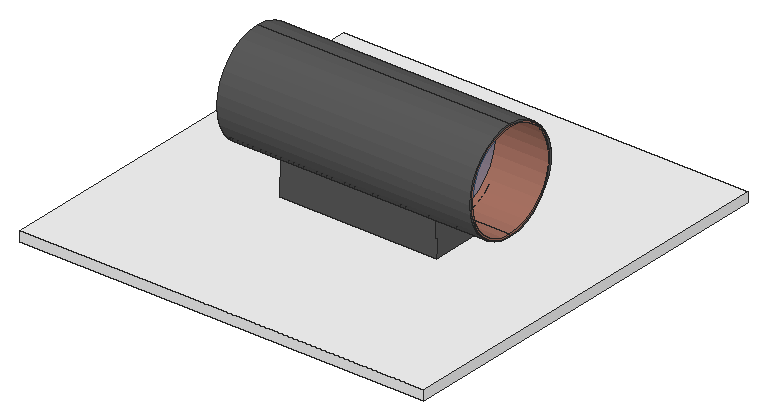
Revit family "BE_51146.6_de_DE", category Leuchten, Revit 2020
Family settings
  Basisbauteil = Fläche
  Bemaßung runder Anschluss = Durchmesser verwenden
  Teiletyp = Normal
  Beim Laden mit Abzugskörper schneiden = Ja
  Lichtquelle = Ja
  Gemeinsam genutzt = Nein
  Raumberechnungspunkt = Ja
Parameters (values of type "BEGA_51146.6_K3")
  built-in parameter 1150104 = 12.727 (stored number, unit not read)
  Wattage = 24.6 W
  Default Elevation = 0 mm
  built-in parameter 1150113 = 1 (stored number, unit not read)
  built-in parameter 1114218 = 1 (stored number, unit not read)
  Umgebungstemperatur = "25 °C"
  URL = "https://www.bega.com/de/produkt/51146.6"
  Typenkommentare = "© 2023 BEGA. Wir behalten uns das Recht vor, technische Änderungen ohne vorherige Ankündigung vorzunehmen."  # constant formula
  built-in parameter 1150134 = (empty or 0)
  built-in parameter 1150109 = 1 (stored number, unit not read)
  Strom = ""
  built-in parameter 1150110 = 1 (stored number, unit not read)
  Spannung = 239.996 V
  Sonderanfertigung = no
  Seriennummer [instance] = "Hier können Sie die eindeutige Seriennummer für das Facility Management eintragen."
  Schutzklasse = "I"
  Schutzart = "IP 20"
  Scheinlast = 0 VA
  Produktdatenblatt = "https://cdn.bega.com/bega/products/51146.6K3/current/documents/data-sheets/de"
  Oberflächentemperatur = ""
  Neigungswinkel = 0.00°
  Modell = "51146.6K3"
  Material_35 = BEGA_Oberfläche_Samtschwarz_matt
  Material_29 = BEGA_Oberfläche_Kupfer_matt
  Material_22 = BEGA_Oberfläche_Aluminium_matt
  Material_15 = BEGA_Leuchtmedium_matt
  Material_13 = BEGA_Kunststoff_matt
  Logo = 0
  built-in parameter 1114217 = 1 (stored number, unit not read)
  built-in parameter 1150139 = (empty or 0)
  built-in parameter 1150105 = 268.17 (stored number, unit not read)
  built-in parameter 1150114 = 1 (stored number, unit not read)
  Lumens = 3369.95 lm
  built-in parameter 1150115 = 1 (stored number, unit not read)
  Leuchtenlichtstrom = "1120 lm"
  Leuchtenanzahl = ""
  Lebensdauerkriterien = "L70B50 @ 25 °C = 130000 h"
  Lastklassifizierung = Beleuchtung
  built-in parameter 1150112 = 1 (stored number, unit not read)
  Lampenlichtstrom = "3370 lm"
  Lampe = "LED 24.6 W"
  LED_Modulbezeichnung = "2x LED-0986/930"
  Hersteller = "BEGA"  # constant formula
  Halbstreuwinkel = ""
  Gewicht = "1.15 kg"
  Gebrauchslageneinschränkung [instance] = ""
  Frequenz = "0/50-60 Hz"
  Farbwiedergabeindex = "CRI > 90"
  Farbtemperaturverschiebung bei Dämpfen der Lampe = <Keine Auswahl>
  Farbtemperatur = "3000 K"
  Color Filter = 16777215
  built-in parameter 1150133 = 10 (stored number, unit not read)
  Energieeffizienzklasse = "LED A++ - A"
  built-in parameter 1150137 = (empty or 0)
  built-in parameter 1150132 = (empty or 0)
  ENEC = ""
  Dimmbar [instance] = "DALI"
  Datei für fotometrisches Netz = "BE_51146-6K3.ies"
  CE_Konformität = "ja"
  Bestellnummer = "51146.6K3"
  Beschreibung_Sonderanfertigung = "Hier können Sie Informationen zur Sonderanfertigung eintragen."
  Beschreibung = "Wandleuchte"
  built-in parameter 1150106 = 2.6817 (stored number, unit not read)
  Befestigungsbohrung = "Ø 4,5 mm"
  Befestigungsabstand = "90 x 38 mm"
  Ballwurfsicher = ""
  Anschlussleitung = ""
  Anschlussleistung [instance] = "28 W"
  Anschlusskasten = ""
  built-in parameter 1150107 = 3000 (stored number, unit not read)
  built-in parameter 1150102 = (empty or 0)
  built-in parameter 1150138 = (empty or 0)
  Aktualisierung = "2023-01-17T04:00:04"
  Abstand_zur_angestrahlten_Fläche [instance] = ""
  AC/DC = "AC/DC"
Reference planes
  plane 1 "Mitte (Vorne/Hinten)": y = 0
  plane 2: z = 0
  plane 3 "Mitte (Links/Rechts)": x = 0
  plane 4 "Links": x = -125
  plane 5 "Rechts": x = 125
  plane 6 "Unten": y = -50.058
  plane 7 "Oben": y = 50.058
  plane 8 "Vorne": z = 121
  plane 9 "Hinten": z = 0
Forms (mm)
  Extrusion 1, solid, material "BEGA_Platte_Weiss"
    sketch origin (0, -1119.2, 0) x (1, 0, 0) y (0, 1, 0)
      loop
        line (-200, 1319.2) -> (-200, 919.2) -> (200, 919.2) -> (200, 1319.2) -> (-200, 1319.2)
    from 0 to -10
  Extrusion 2, solid, material "BEGA_Dummy_matt", not visible
    sketch origin (80.095, -76.023, 0) x (1, 0, 0) y (0, 1, 0)
      loop
        line (-205.095, 126.082) -> (-205.095, 25.965) -> (44.905, 25.965) -> (44.905, 126.082) -> (-205.095, 126.082)
    from 0 to 121
Dimensions and locks
  plane 1 "Mitte (Vorne/Hinten)" to Extrusion 1 = 200 mm
  aligned and locked: Extrusion 1 to plane 2
  aligned and locked: level to Extrusion 1
Nested families
  nested 1: "BE_51146.6_Leuchte" at (0, 0, 0), type "BE_51146.6_Leuchte"
Connectors
  electrical at (0, 0, 0), driven by "Lastklassifizierung", driven by "Spannung", driven by "Scheinlast"
    settings: index 1, voltage 239.996 V, apparent load 0 VA, apparent load phase1 0 VA, apparent load phase2 0 VA, apparent load phase3 0 VA, power factor 1, load classification "Beleuchtung", number of poles 1, system type 31, power factor state 1, is connector primary yes, connector utility no, sub classification motor no, connector description ""
Definition of nested family "BE_51146.6_Leuchte"
  Parameters (values of type "BE_51146.6_Leuchte")
    Default Elevation = 1 mm
    URL = "http://www.bega.de/de/produkt"
    Type Comments = "© 2015 BEGA. Wir behalten uns das Recht vor, technische Änderungen ohne vorherige Ankündigung vorzunehmen. "  # constant formula
    Type Image = (empty or 0)
    Material_35 = none
    Material_29 = none
    Material_22 = none
    Material_15 = none
    Material_13 = none
    Länge_Platte = 200 mm  # constant formula
    Höhe_Platte = -10 mm  # constant formula
    Manufacturer = "BEGA"  # constant formula
    Breite_Platte = 200 mm  # constant formula
  Reference planes
    plane 1 "Mitte (Oben/Unten)": y = 0
    plane 2: z = 0
    plane 3 "Mitte (Links/Rechts)": x = 0
    plane 4: x = 125
    plane 5: x = -125
    plane 6: z = 121
    plane 7: z = 0
    plane 8: z = 0
    plane 9: y = -50.058
    plane 10: y = 50.058
  Forms (mm)
    Extrusion 1, solid, detail levels medium
      sketch origin (0, 0, 0) x (1, 0, 0) y (0, 1, 0)
        loop
          line (-100, 100) -> (-100, -100) -> (100, -100) -> (100, 100) -> (-100, 100)
      from 0 to -10 <- "Höhe_Platte"
    Extrusion 2, solid
      sketch origin (0, 0, 0) x (1, 0, 0) y (0, 0, 1)
        loop
          line (62.457, 5.5) -> (-65.543, 5.5) -> (-70.493, 10.45) -> (-71.907, 9.036) -> (-66.957, 4.086)
          arc (-66.957, 4.086) -> (-66.308, 3.652) -> (-65.543, 3.5) r 2
          line (-65.543, 3.5) -> (-61.043, 3.5) -> (-59.828, 1.097)
          arc (-59.828, 1.097) -> (-59.09, 0.296) -> (-58.043, 0) r 2
          line (-58.043, 0) -> (-54.043, 0)
          arc (-54.043, 0) -> (-52.992, 0.299) -> (-52.254, 1.105) r 2
          line (-52.254, 1.105) -> (-51.043, 3.5) -> (47.957, 3.5) -> (49.172, 1.097)
          arc (49.172, 1.097) -> (49.909, 0.296) -> (50.957, 0) r 2
          line (50.957, 0) -> (54.957, 0)
          arc (54.957, 0) -> (56.005, 0.296) -> (56.742, 1.097) r 2
          line (56.742, 1.097) -> (57.957, 3.5) -> (62.457, 3.5)
          arc (62.457, 3.5) -> (63.226, 3.654) -> (63.877, 4.092) r 2
          line (63.877, 4.092) -> (69.421, 9.636) -> (68.007, 11.05) -> (62.457, 5.5)
      from -28.034 to 28.034
    Extrusion 3, void
      sketch origin (0, 0, 0) x (1, 0, 0) y (0, 1, 0)
        loop
          arc (41.043, 7.018) -> (35.534, 12.5) -> (30.043, 7) r 5.5
          line (30.043, 7) -> (30.043, -7)
          arc (30.043, -7) -> (35.552, -12.5) -> (41.043, -6.982) r 5.5
          line (41.043, -6.982) -> (41.043, 7.018)
        loop
          arc (49.293, -17.25) -> (47.043, -15) -> (44.793, -17.25) r 2.25
          line (44.793, -17.25) -> (44.793, -20.75)
          arc (44.793, -20.75) -> (47.043, -23) -> (49.293, -20.75) r 2.25
          line (49.293, -20.75) -> (49.293, -17.25)
        loop
          arc (-44.207, 21.25) -> (-46.457, 19) -> (-44.207, 16.75) r 2.25
          line (-44.207, 16.75) -> (-40.707, 16.75)
          arc (-40.707, 16.75) -> (-38.457, 19) -> (-40.707, 21.25) r 2.25
          line (-40.707, 21.25) -> (-44.207, 21.25)
      from 0 to 11.05
    Extrusion 4, solid, material <- "Material_35"
      sketch origin (0, 0, 0) x (1, 0, 0) y (0, 0, 1)
        loop
          line (78.36, 0) -> (77.7, 37.817) -> (-75.7, 37.817) -> (-76.36, 0) -> (-73.221, 0) -> (-72.569, 18.662) -> (72.959, 18.662) -> (73.611, 0) -> (78.36, 0)
      from -32.994 to 32.954
    Extrusion 5, solid, material <- "Material_35"
      sketch origin (0, 0, 0) x (1, 0, 0) y (0, 0, 1)
        loop
          line (72.959, 18.662) -> (-72.569, 18.662) -> (-73.221, 0) -> (73.611, 0) -> (72.959, 18.662)
      from -32.994 to -30.064
    Extrusion 6, solid, material <- "Material_35"
      sketch origin (0, 0, 0) x (1, 0, 0) y (0, 0, -1)
        loop
          line (72.959, -18.662) -> (73.611, 0) -> (-73.221, 0) -> (-72.569, -18.662) -> (72.959, -18.662)
      from -32.954 to -30.064
    Revolve 7, solid, material <- "Material_29"
      sketch origin (0, 0, 0) x (1, 0, 0) y (0, 0, 1)
        loop
          line (125, 21.954) -> (125, 23.554) -> (-125, 23.554) -> (-125, 21.954) -> (125, 21.954)
        axis (125, 71) -> (-125, 71)
      angle from 0 to 360
    Revolve 8, solid, material <- "Material_35"
      sketch origin (0, 0, 0) x (1, 0, 0) y (0, 0, 1)
        loop
          line (-125, 21) -> (125, 21) -> (125, 21.953) -> (-125, 21.953) -> (-125, 21)
        axis (125, 71) -> (-125, 71)
      angle from 0 to 360
    Extrusion 9, void
      sketch origin (0, 0, 0) x (0, 1, 0) y (0, 0, 1)
        loop
          circle (0, 71) r 48
      from 0 to 250
    Extrusion 10, void
      sketch origin (0, 0, 0) x (0, 1, 0) y (0, 0, 1)
        loop
          circle (0, 71) r 48.2
      from -125 to 125
    Extrusion 11, solid, material <- "Material_22"
      sketch origin (0, 0, 0.06) x (0, 1, 0) y (0, 0, 1)
        loop
          arc (15, 106.127) -> (0, 109.213) -> (-15, 106.127) r 38
          line (-15, 106.127) -> (-15, 59.162) -> (-22.5, 59.162)
          arc (-22.5, 59.162) -> (-24.621, 58.283) -> (-25.5, 56.162) r 3
          line (-25.5, 56.162) -> (-25.5, 42.162)
          arc (-25.5, 42.162) -> (-24.621, 40.04) -> (-22.5, 39.162) r 3
          line (-22.5, 39.162) -> (-22.5, 28.6)
          arc (-22.5, 28.6) -> (-11.593, 24.421) -> (0, 23) r 48
          arc (0, 23) -> (11.593, 24.421) -> (22.5, 28.6) r 48
          line (22.5, 28.6) -> (22.5, 39.162)
          arc (22.5, 39.162) -> (24.621, 40.04) -> (25.5, 42.162) r 3
          line (25.5, 42.162) -> (25.5, 56.162)
          arc (25.5, 56.162) -> (24.621, 58.283) -> (22.5, 59.162) r 3
          line (22.5, 59.162) -> (15, 59.162) -> (15, 106.127)
      from 50.5 to 53.5
    Extrusion 12, solid, material <- "Material_22"
      sketch origin (0, 0, 0.06) x (0, 1, 0) y (0, 0, -1)
        loop
          line (15, -106.127) -> (15, -59.162) -> (22.5, -59.162)
          arc (22.5, -59.162) -> (24.621, -58.283) -> (25.5, -56.162) r 3
          line (25.5, -56.162) -> (25.5, -42.162)
          arc (25.5, -42.162) -> (24.621, -40.04) -> (22.5, -39.162) r 3
          line (22.5, -39.162) -> (22.5, -28.6)
          arc (22.5, -28.6) -> (11.593, -24.421) -> (0, -23) r 48
          arc (0, -23) -> (-11.593, -24.421) -> (-22.5, -28.6) r 48
          line (-22.5, -28.6) -> (-22.5, -39.162)
          arc (-22.5, -39.162) -> (-24.621, -40.04) -> (-25.5, -42.162) r 3
          line (-25.5, -42.162) -> (-25.5, -56.162)
          arc (-25.5, -56.162) -> (-24.621, -58.283) -> (-22.5, -59.162) r 3
          line (-22.5, -59.162) -> (-15, -59.162) -> (-15, -106.127)
          arc (-15, -106.127) -> (0, -109.213) -> (15, -106.127) r 38
      from 50.5 to 53.5
    Revolve 13, solid, material <- "Material_15"
      sketch origin (0, 0, 0) x (1, 0, 0) y (0, 0, 1)
        loop
          line (-55.05, 71) -> (-53.5, 71) -> (-53.5, 76) -> (-55.05, 76) -> (-55.05, 71)
        axis (-53.5, 71) -> (-55.05, 71)
      angle from 0 to 360
    Revolve 14, solid, material <- "Material_15"
      sketch origin (0, 0, 0) x (-1, 0, 0) y (0, 0, 1)
        loop
          line (-55.05, 71) -> (-53.5, 71) -> (-53.5, 76) -> (-55.05, 76) -> (-55.05, 71)
        axis (-53.5, 71) -> (-55.05, 71)
      angle from 0 to 360
    Revolve 15, solid, material <- "Material_13"
      sketch origin (0, 0, 0) x (1, 0, 0) y (0, 0, 1)
        loop
          line (72.753, 118.5) -> (-29.618, 118.5) -> (-29.618, 71) -> (72.753, 71) -> (72.753, 118.5)
        axis (72.753, 71) -> (-29.618, 71)
      angle from 0 to 360
    Revolve 16, solid, material <- "Material_13"
      sketch origin (0, 0, 0) x (-1, 0, 0) y (0, 0, 1)
        loop
          line (65.5, 118.5) -> (60.5, 118.5) -> (60.5, 71) -> (65.5, 71) -> (65.5, 118.5)
        axis (65.5, 71) -> (60.5, 71)
      angle from 0 to 360
  Cuts and joins
    Extrusion 3 cuts Extrusion 2
    Extrusion 9, Extrusion 10 cuts Extrusion 4
    Extrusion 9, Extrusion 10 cuts Extrusion 5
    Extrusion 9, Extrusion 10 cuts Extrusion 6
    joined: Extrusion 4, Extrusion 5, Extrusion 6
  Dimensions and locks
    equal spacing: Extrusion 1 sketch curve, plane 3 "Mitte (Links/Rechts)", Extrusion 1 sketch curve
    equal spacing: Extrusion 1 sketch curve, plane 1 "Mitte (Oben/Unten)", Extrusion 1 sketch curve
    "Länge_Platte": Extrusion 1 sketch curve to Extrusion 1 sketch curve
    "Breite_Platte": Extrusion 1 sketch curve to Extrusion 1 sketch curve
    plane 1 "Mitte (Oben/Unten)" to Extrusion 1 = 100 mm  (x3)
    aligned and locked: plane 2 to Extrusion 1
    aligned and locked: level to Extrusion 1
  Automatic sketch dimensions
    Extrusion 2 sketch curve to level = 0 mm  (x2)
    level to Extrusion 2 sketch curve = 9.036 mm
    Extrusion 2 sketch curve to plane 3 "Mitte (Links/Rechts)" = 71.907 mm
    level to Extrusion 2 sketch curve = 10.45 mm
    Extrusion 2 sketch curve to Extrusion 2 sketch curve = 1.414 mm  (x3)
    Extrusion 2 sketch curve to Extrusion 2 sketch curve = 4.95 mm
    Extrusion 2 sketch curve to Extrusion 2 sketch curve = 0 mm  (x7)
    Extrusion 2 sketch curve to Extrusion 2 sketch curve = 4.5 mm  (x2)
    Extrusion 2 sketch curve to Extrusion 2 sketch curve = 3 mm  (x3)
    level to Extrusion 2 sketch curve = 2 mm
    Extrusion 2 sketch curve to Extrusion 2 sketch curve = 4 mm  (x2)
    level to Extrusion 2 sketch curve = 1.105 mm
    level to Extrusion 2 sketch curve = 3.5 mm
    Extrusion 2 sketch curve to Extrusion 2 sketch curve = 1.211 mm
    plane 3 "Mitte (Links/Rechts)" to Extrusion 2 sketch curve = 47.957 mm
    level to Extrusion 2 sketch curve = 4.092 mm
    Extrusion 2 sketch curve to Extrusion 2 sketch curve = 1.42 mm
    level to Extrusion 2 sketch curve = 11.05 mm
    Extrusion 2 sketch curve to Extrusion 2 sketch curve = 5.55 mm
    level to Extrusion 2 sketch curve = 9.636 mm
    Extrusion 2 sketch curve to Extrusion 2 sketch curve = 2 mm  (x4)
    Extrusion 2 sketch curve to Extrusion 2 sketch curve = 1.5 mm  (x2)
    level to Extrusion 2 sketch curve = 4.086 mm
    level to Extrusion 2 sketch curve = 1.097 mm  (x4)
    Extrusion 2 sketch curve to Extrusion 2 sketch curve = 1.785 mm  (x2)
    Extrusion 3 sketch curve to plane 1 "Mitte (Oben/Unten)" = 16.75 mm
    Extrusion 3 sketch curve to plane 3 "Mitte (Links/Rechts)" = 44.207 mm
    Extrusion 3 sketch curve to Extrusion 3 sketch curve = 3.5 mm  (x2)
    Extrusion 3 sketch curve to plane 1 "Mitte (Oben/Unten)" = 7 mm
    plane 3 "Mitte (Links/Rechts)" to Extrusion 3 sketch curve = 30.043 mm
    Extrusion 3 sketch curve to Extrusion 3 sketch curve = 5.5 mm  (x3)
    Extrusion 3 sketch curve to Extrusion 3 sketch curve = 3.75 mm
    Extrusion 3 sketch curve to Extrusion 3 sketch curve = 2.25 mm  (x2)
    plane 1 "Mitte (Oben/Unten)" to Extrusion 3 sketch curve = 6.982 mm
    Extrusion 3 sketch curve to Extrusion 3 sketch curve = 10.268 mm
    Extrusion 4 sketch curve to level = 0 mm  (x2)
    Extrusion 4 sketch curve to plane 3 "Mitte (Links/Rechts)" = 76.36 mm
    level to Extrusion 4 sketch curve = 37.817 mm
    Extrusion 4 sketch curve to Extrusion 4 sketch curve = 0.66 mm
    Extrusion 4 sketch curve to Extrusion 4 sketch curve = 3.14 mm
    level to Extrusion 4 sketch curve = 18.662 mm
    Extrusion 4 sketch curve to Extrusion 4 sketch curve = 0.652 mm  (x2)
    plane 3 "Mitte (Links/Rechts)" to Extrusion 4 sketch curve = 72.959 mm
    Extrusion 4 sketch curve to Extrusion 4 sketch curve = 4.741 mm
    Extrusion 4 sketch curve to Extrusion 4 sketch curve = 4.749 mm
    Extrusion 5 sketch curve to level = 0 mm
    Extrusion 5 sketch curve to plane 3 "Mitte (Links/Rechts)" = 73.221 mm
    Extrusion 5 sketch curve to Extrusion 5 sketch curve = 0.652 mm  (x2)
    level to Extrusion 5 sketch curve = 18.662 mm
    plane 3 "Mitte (Links/Rechts)" to Extrusion 5 sketch curve = 72.959 mm
    Extrusion 6 sketch curve to level = 0 mm
    Extrusion 6 sketch curve to plane 3 "Mitte (Links/Rechts)" = 73.221 mm
    Extrusion 6 sketch curve to Extrusion 6 sketch curve = 0.652 mm  (x2)
    level to Extrusion 6 sketch curve = 18.662 mm
    plane 3 "Mitte (Links/Rechts)" to Extrusion 6 sketch curve = 72.959 mm
    level to Revolve 7 sketch curve = 21.954 mm
    Revolve 7 sketch curve to plane 3 "Mitte (Links/Rechts)" = 125 mm
    plane 3 "Mitte (Links/Rechts)" to Revolve 7 sketch curve = 125 mm
    Revolve 7 sketch curve to Revolve 7 sketch curve = 1.6 mm
    Revolve 7 sketch curve to Revolve 7 sketch curve = 2 mm  (x2)
    Revolve 7 sketch curve to Revolve 7 sketch curve = 47.446 mm
    level to Revolve 8 sketch curve = 21 mm
    Revolve 8 sketch curve to plane 3 "Mitte (Links/Rechts)" = 125 mm
    plane 3 "Mitte (Links/Rechts)" to Revolve 8 sketch curve = 125 mm
    Revolve 8 sketch curve to Revolve 8 sketch curve = 0.953 mm
    Revolve 8 sketch curve to Revolve 8 sketch curve = 2 mm  (x2)
    Revolve 8 sketch curve to Revolve 8 sketch curve = 49.047 mm
    Extrusion 9 sketch curve to Extrusion 9 sketch curve = 0 mm  (x2)
    Extrusion 9 sketch curve to plane 1 "Mitte (Oben/Unten)" = 0 mm
    level to Extrusion 9 sketch curve = 71 mm
    level to Extrusion 9 sketch curve = 23 mm
    Extrusion 10 sketch curve to Extrusion 10 sketch curve = 0 mm  (x2)
    Extrusion 10 sketch curve to plane 1 "Mitte (Oben/Unten)" = 0 mm
    level to Extrusion 10 sketch curve = 71 mm
    level to Extrusion 10 sketch curve = 22.8 mm
    Extrusion 11 sketch curve to Extrusion 11 sketch curve = 0 mm  (x3)
    Extrusion 11 sketch curve to plane 1 "Mitte (Oben/Unten)" = 0 mm  (x2)
    plane 1 "Mitte (Oben/Unten)" to Extrusion 11 sketch curve = 15 mm
    Extrusion 11 sketch curve to Extrusion 11 sketch curve = 7.5 mm  (x3)
    Extrusion 11 sketch curve to Extrusion 11 sketch curve = 3 mm  (x2)
    Extrusion 11 sketch curve to plane 1 "Mitte (Oben/Unten)" = 15 mm
    level to Extrusion 11 sketch curve = 28.66 mm
    Extrusion 11 sketch curve to Extrusion 11 sketch curve = 10.561 mm  (x2)
    Extrusion 11 sketch curve to Extrusion 11 sketch curve = 14 mm  (x2)
    Extrusion 11 sketch curve to Extrusion 11 sketch curve = 11.838 mm
    Extrusion 11 sketch curve to Extrusion 11 sketch curve = 0.213 mm
    Extrusion 11 sketch curve to Extrusion 11 sketch curve = 34.914 mm
    Extrusion 12 sketch curve to Extrusion 12 sketch curve = 0 mm  (x3)
    Extrusion 12 sketch curve to plane 1 "Mitte (Oben/Unten)" = 0 mm  (x2)
    plane 1 "Mitte (Oben/Unten)" to Extrusion 12 sketch curve = 15 mm
    Extrusion 12 sketch curve to Extrusion 12 sketch curve = 7.5 mm  (x3)
    Extrusion 12 sketch curve to Extrusion 12 sketch curve = 3 mm  (x2)
    Extrusion 12 sketch curve to plane 1 "Mitte (Oben/Unten)" = 15 mm
    level to Extrusion 12 sketch curve = 106.187 mm
    Extrusion 12 sketch curve to Extrusion 12 sketch curve = 34.914 mm
    Extrusion 12 sketch curve to Extrusion 12 sketch curve = 0.213 mm
    Extrusion 12 sketch curve to Extrusion 12 sketch curve = 11.838 mm  (x2)
    Extrusion 12 sketch curve to Extrusion 12 sketch curve = 14 mm  (x2)
    Extrusion 12 sketch curve to Extrusion 12 sketch curve = 10.561 mm
    Revolve 13 sketch curve to plane 3 "Mitte (Links/Rechts)" = 55.05 mm
    Revolve 13 sketch curve to Revolve 13 sketch curve = 1.55 mm
    level to Revolve 13 sketch curve = 71 mm  (x2)
    Revolve 13 sketch curve to Revolve 13 sketch curve = 5 mm
    Revolve 13 sketch curve to Revolve 13 sketch curve = 71.95 mm
    plane 3 "Mitte (Links/Rechts)" to Revolve 13 sketch curve = 127 mm
    Revolve 14 sketch curve to plane 3 "Mitte (Links/Rechts)" = 55.05 mm
    Revolve 14 sketch curve to Revolve 14 sketch curve = 1.55 mm
    Revolve 14 sketch curve to level = 71 mm  (x2)
    Revolve 14 sketch curve to Revolve 14 sketch curve = 5 mm
    Revolve 14 sketch curve to Revolve 14 sketch curve = 71.95 mm
    plane 3 "Mitte (Links/Rechts)" to Revolve 14 sketch curve = 127 mm
    Revolve 15 sketch curve to plane 3 "Mitte (Links/Rechts)" = 29.618 mm
    Revolve 15 sketch curve to Revolve 15 sketch curve = 102.371 mm
    level to Revolve 15 sketch curve = 71 mm
    Revolve 15 sketch curve to Revolve 15 sketch curve = 47.5 mm
    Revolve 15 sketch curve to plane 3 "Mitte (Links/Rechts)" = 127 mm
    Revolve 15 sketch curve to Revolve 15 sketch curve = 54.247 mm
    Revolve 15 sketch curve to Revolve 15 sketch curve = 0 mm
    plane 3 "Mitte (Links/Rechts)" to Revolve 16 sketch curve = 60.5 mm
    Revolve 16 sketch curve to Revolve 16 sketch curve = 5 mm
    Revolve 16 sketch curve to level = 71 mm
    Revolve 16 sketch curve to Revolve 16 sketch curve = 47.5 mm
    Revolve 16 sketch curve to plane 3 "Mitte (Links/Rechts)" = 127 mm
    Revolve 16 sketch curve to Revolve 16 sketch curve = 61.5 mm
    Revolve 16 sketch curve to Revolve 16 sketch curve = 0 mm
